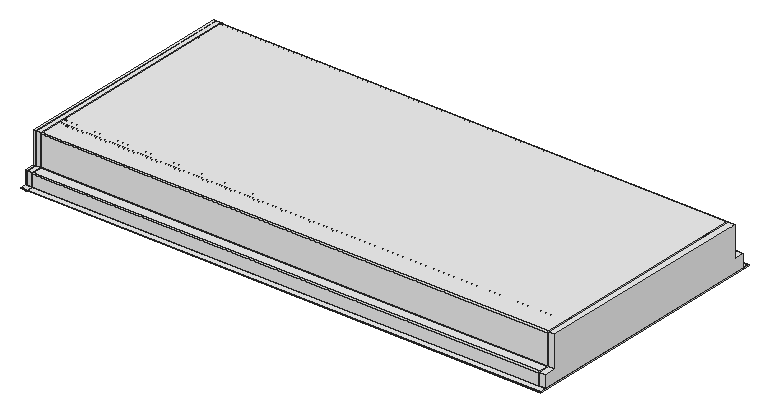
Revit family "CRUi", category Lighting Fixtures, host Ceiling, Revit 2019
Family settings
  Host = Ceiling
  Round Connector Dimension = Use Diameter
  Part Type = Normal
  OmniClass Number = 23.80.70.11.14.17
  OmniClass Title = Direct/Indirect
  Always vertical = Yes
  Cut with Voids When Loaded = No
  Light Source = Yes
  Shared = No
  Room Calculation Point = No
Parameters (values of type "CRUI-2X4-LED840K240LUNV-DSA")
  Width = 1' - 11 3/4"
  Wattage = 198 W
  built-in parameter 1150110 = 1 (stored number, unit not read)
  Voltage = 120 V
  URL = "https://www.viscor.com/en/products/cru"
  built-in parameter 1114217 = 0.9 (stored number, unit not read)
  Tilt Angle = 90.00°
  built-in parameter 1150109 = 1 (stored number, unit not read)
  built-in parameter 1150134 = 12
  built-in parameter 1150113 = 1 (stored number, unit not read)
  Photometric Web File = "CRUi-2X4-LED840K240LUNV-DSA.ies"
  Model = "CRU"  # constant formula
  Manufacturer = "Visioneering By Viscor"  # constant formula
  Lumens = 24156 lm
  built-in parameter 1150115 = 1 (stored number, unit not read)
  built-in parameter 1150105 = 1922.3 (stored number, unit not read)
  built-in parameter 1150137 = (empty or 0)
  built-in parameter 1150139 = (empty or 0)
  Lens Finish = Acrylic - Viscor - Frosted Prismatic P12
  Length = 3' - 11 3/4"
  Lamp Wattage = 198 VA
  built-in parameter 1150112 = 1 (stored number, unit not read)
  built-in parameter 1150114 = 1 (stored number, unit not read)
  Lamp = "LED"  # constant formula
  built-in parameter 1150132 = (empty or 0)
  built-in parameter 1150102 = (empty or 0)
  built-in parameter 1150138 = (empty or 0)
  built-in parameter 1150107 = 4000 (stored number, unit not read)
  built-in parameter 1150106 = 19.223 (stored number, unit not read)
  Housing Finish = Metal - Viscor - White
  Emit from Rectangle Width = Width  # 1' - 11 3/4"
  Emit from Rectangle Length = Length  # 3' - 11 3/4"
  Emit Shape Visible in Rendering = no
  built-in parameter 1150104 = 11.334 (stored number, unit not read)
  Dimming Lamp Color Temperature Shift = <None>
  Description = "LED Cleanroom Recessed Universal"  # constant formula
  Color Filter = 16777215
  built-in parameter 1114218 = 1 (stored number, unit not read)
  built-in parameter 1150133 = 10 (stored number, unit not read)
  Assembly Code = ""
  Apparent Load = Lamp Wattage  # 198 VA
Types (15): name | Width | Wattage | Photometric Web File | Lumens | built-in parameter 1150105 | Length | Lamp Wattage | built-in parameter 1150106 | Emit from Rectangle Width | Emit from Rectangle Length | built-in parameter 1150104 | Assembly Code | Apparent Load
  (no name) | 1' - 11 3/4" | 198 W | "CRUi-2X4-LED840K240LUNV-DSA.ies" | 24156 lm | 1922.3 (stored number, unit not read) | 3' - 11 3/4" | 198 VA | 19.223 (stored number, unit not read) | 1' - 11 3/4" | 3' - 11 3/4" | 11.334 (stored number, unit not read) | "" | 198 VA
  CRUI-1X4-LED840K035LUNV-DSA | 0' - 11 3/4" | 32 W | "CRUi-1X4-LED840K035LUNV-DSA.ies" | 3584 lm | 285.21 (stored number, unit not read) | 3' - 11 3/4" | 32 VA | 2.8521 (stored number, unit not read) | 0' - 11 3/4" | 3' - 11 3/4" | 10.405 (stored number, unit not read) | "" | 32 VA
  CRUI-2X2-LED840K035LUNV-DSA | 1' - 11 3/4" | 31 W | "CRUi-2X2-LED840K035LUNV-DSA.ies" | 3565 lm | 283.69 (stored number, unit not read) | 1' - 11 3/4" | 31 VA | 2.8369 (stored number, unit not read) | 1' - 11 3/4" | 1' - 11 3/4" | 10.684 (stored number, unit not read) | "" | 31 VA
  CRUI-2X4-LED840K055LUNV-DSA | 1' - 11 3/4" | 45 W | "CRUi-2X4-LED840K55LUNV-DSA.IES" | 5535 lm | 440.46 (stored number, unit not read) | 3' - 11 3/4" | 45 VA | 4.4046 (stored number, unit not read) | 1' - 11 3/4" | 3' - 11 3/4" | 11.427 (stored number, unit not read) | "" | 45 VA
  CRUI-1X4-LED840K055LUNV-DSA | 0' - 11 3/4" | 51 W | "CRUi-1X4-LED840K055LUNV-DSA.ies" | 5559 lm | 442.37 (stored number, unit not read) | 3' - 11 3/4" | 51 VA | 4.4237 (stored number, unit not read) | 0' - 11 3/4" | 3' - 11 3/4" | 10.126 (stored number, unit not read) | "" | 51 VA
  CRUI-1X4-LED840K070LUNV-DSA | 0' - 11 3/4" | 68 W | "CRUi-1X4-LED840K070LUNV-DSA.ies" | 7072 lm | 562.77 (stored number, unit not read) | 3' - 11 3/4" | 68 VA | 5.6277 (stored number, unit not read) | 0' - 11 3/4" | 3' - 11 3/4" | 9.6619 (stored number, unit not read) | "" | 68 VA
  CRUI-1X4-LED840K100LUNV-DSA | 0' - 11 3/4" | 96 W | "CRUi-1X4-LED840K100LUNV-DSA.ies" | 10080 lm | 802.14 (stored number, unit not read) | 3' - 11 3/4" | 96 VA | 8.0214 (stored number, unit not read) | 0' - 11 3/4" | 3' - 11 3/4" | 9.7548 (stored number, unit not read) | "D5020200" | 96 VA
  CRUI-2X2-LED840K055LUNV-DSA | 1' - 11 3/4" | 50 W | "CRUi-2X2-LED840K055LUNV-DSA.ies" | 5550 lm | 441.65 (stored number, unit not read) | 1' - 11 3/4" | 50 VA | 4.4165 (stored number, unit not read) | 1' - 11 3/4" | 1' - 11 3/4" | 10.312 (stored number, unit not read) | "" | 50 VA
  CRUI-2X2-LED840K070LUNV-DSA | 1' - 11 3/4" | 65 W | "CRUi-2X2-LED840K070LUNV-DSA.ies" | 7020 lm | 558.63 (stored number, unit not read) | 1' - 11 3/4" | 65 VA | 5.5863 (stored number, unit not read) | 1' - 11 3/4" | 1' - 11 3/4" | 10.034 (stored number, unit not read) | "" | 65 VA
  CRUI-2X2-LED840K100LUNV-DSA | 1' - 11 3/4" | 93 W | "CRUi-2X2-LED840K100LUNV-DSA.ies" | 10137 lm | 806.68 (stored number, unit not read) | 1' - 11 3/4" | 93 VA | 8.0668 (stored number, unit not read) | 1' - 11 3/4" | 1' - 11 3/4" | 10.126 (stored number, unit not read) | "" | 93 VA
  CRUI-2X4-LED840K070LUNV-DSA | 1' - 11 3/4" | 59 W | "CRUi-2X4-LED840K70LUNV-DSA.IES" | 7080 lm | 563.41 (stored number, unit not read) | 3' - 11 3/4" | 59 VA | 5.6341 (stored number, unit not read) | 1' - 11 3/4" | 3' - 11 3/4" | 11.148 (stored number, unit not read) | "" | 59 VA
  CRUI-2X4-LED840K100LUNV-DSA | 1' - 11 3/4" | 80 W | "CRUi-2X4-LED840K100LUNV-DSA.ies" | 10080 lm | 802.14 (stored number, unit not read) | 3' - 11 3/4" | 80 VA | 8.0214 (stored number, unit not read) | 1' - 11 3/4" | 3' - 11 3/4" | 11.706 (stored number, unit not read) | "" | 80 VA
  CRUI-2X4-LED840K120LUNV-DSA | 1' - 11 3/4" | 99 W | "CRUi-2X4-LED840K120LUNV-DSA.ies" | 12078 lm | 961.14 (stored number, unit not read) | 3' - 11 3/4" | 99 VA | 9.6114 (stored number, unit not read) | 1' - 11 3/4" | 3' - 11 3/4" | 11.334 (stored number, unit not read) | "" | 99 VA
  CRUI-2X4-LED840K180LUNV-DSA | 1' - 11 3/4" | 143 W | "CRUi-2X4-LED840K180LUNV-DSA.ies" | 18161 lm | 1445.2 (stored number, unit not read) | 3' - 11 3/4" | 143 VA | 14.452 (stored number, unit not read) | 1' - 11 3/4" | 3' - 11 3/4" | 11.799 (stored number, unit not read) | "" | 143 VA
  CRUI-2X4-LED840K240LUNV-DSA | 1' - 11 3/4" | 198 W | "CRUi-2X4-LED840K240LUNV-DSA.ies" | 24156 lm | 1922.3 (stored number, unit not read) | 3' - 11 3/4" | 198 VA | 19.223 (stored number, unit not read) | 1' - 11 3/4" | 3' - 11 3/4" | 11.334 (stored number, unit not read) | "" | 198 VA
Reference planes (in)
  plane 1 "Light Source Axis (F/B)": y = 0
  plane 2 "Ceiling": z = 96
  plane 3 "Light Source Axis (L/R)": x = 0
  plane 4 "Light Source Elevation": z = 96
  plane 5: y = 11.875
  plane 6: y = -11.875
  plane 7 "Left": x = -23.875
  plane 8 "Right": x = 23.875
  plane 9: x = -23.25
  plane 10: x = 23.25
  plane 11: x = -22.625
  plane 12: x = 22.625
  plane 13 "USofFrame": z = 96.045
  plane 14: y = -11.25
  plane 15: y = 11.25
  plane 16 "Lens": z = 96.17
Forms (in)
  Extrusion 1, solid, material "Metal - Viscor - White" <- "Housing Finish"
    sketch origin (0, 0, 0) x (0, 1, 0) y (0, 0, 1)
      loop
        arc (11.3015, 97.168) -> (11.28217, 97.21467) -> (11.2355, 97.234) r 0.066
        line (11.2355, 97.234) -> (10.3115, 97.234)
        arc (10.3115, 97.234) -> (10.29029, 97.24279) -> (10.2815, 97.264) r 0.03
        line (10.2815, 97.264) -> (10.2815, 100.007)
        arc (10.2815, 100.007) -> (10.26217, 100.05367) -> (10.2155, 100.073) r 0.066
        line (10.2155, 100.073) -> (-10.2155, 100.073)
        arc (-10.2155, 100.073) -> (-10.26217, 100.05367) -> (-10.2815, 100.007) r 0.066
        line (-10.2815, 100.007) -> (-10.2815, 97.264)
        arc (-10.2815, 97.264) -> (-10.29029, 97.24279) -> (-10.3115, 97.234) r 0.03
        line (-10.3115, 97.234) -> (-11.2355, 97.234)
        arc (-11.2355, 97.234) -> (-11.28217, 97.21467) -> (-11.3015, 97.168) r 0.066
        line (-11.3015, 97.168) -> (-11.3015, 96.073) -> (-11.26634, 96.073) -> (-11.26634, 97.168)
        arc (-11.26634, 97.168) -> (-11.25731, 97.18981) -> (-11.2355, 97.19884) r 0.03084
        line (-11.2355, 97.19884) -> (-10.3115, 97.19884)
        arc (-10.3115, 97.19884) -> (-10.26543, 97.21793) -> (-10.24634, 97.264) r 0.06516
        line (-10.24634, 97.264) -> (-10.24634, 100.007)
        arc (-10.24634, 100.007) -> (-10.23731, 100.02881) -> (-10.2155, 100.03784) r 0.03084
        line (-10.2155, 100.03784) -> (10.2155, 100.03784)
        arc (10.2155, 100.03784) -> (10.23731, 100.02881) -> (10.24634, 100.007) r 0.03084
        line (10.24634, 100.007) -> (10.24634, 97.264)
        arc (10.24634, 97.264) -> (10.26543, 97.21793) -> (10.3115, 97.19884) r 0.06516
        line (10.3115, 97.19884) -> (11.2355, 97.19884)
        arc (11.2355, 97.19884) -> (11.25731, 97.18981) -> (11.26634, 97.168) r 0.03084
        line (11.26634, 97.168) -> (11.26634, 96.073) -> (11.3015, 96.073) -> (11.3015, 97.168)
    from -23.25 to 23.25
  Extrusion 2, solid
    sketch origin (0, 0, 0) x (0, 1, 0) y (0, 0, 1)
      loop
        arc (7.664, 100.03702) -> (7.61097, 100.01506) -> (7.58901, 99.96204) r 0.07499
        line (7.58901, 99.96204) -> (7.589, 99.487)
        arc (7.589, 99.487) -> (7.57758, 99.45942) -> (7.55, 99.448) r 0.039
        line (7.55, 99.448) -> (-7.55, 99.448)
        arc (-7.55, 99.448) -> (-7.57758, 99.45942) -> (-7.589, 99.487) r 0.039
        line (-7.589, 99.487) -> (-7.589, 99.96195)
        arc (-7.589, 99.96195) -> (-7.61097, 100.01498) -> (-7.664, 100.037) r 0.075
        line (-7.664, 100.037) -> (-8.214, 100.037) -> (-8.214, 100.00184) -> (-7.664, 100.00179)
        arc (-7.664, 100.00179) -> (-7.63583, 99.99012) -> (-7.62416, 99.96195) r 0.03984
        line (-7.62416, 99.96195) -> (-7.62416, 99.487)
        arc (-7.62416, 99.487) -> (-7.60244, 99.43456) -> (-7.55, 99.41284) r 0.07416
        line (-7.55, 99.41284) -> (7.55, 99.41284)
        arc (7.55, 99.41284) -> (7.60244, 99.43456) -> (7.62417, 99.487) r 0.07416
        line (7.62417, 99.487) -> (7.62417, 99.96204)
        arc (7.62417, 99.96204) -> (7.63583, 99.9902) -> (7.664, 100.00187) r 0.03983
        line (7.664, 100.00187) -> (8.214, 100.00187) -> (8.214, 100.03702) -> (7.664, 100.03702)
    from -23.25 to 23.25
  Extrusion 3, solid, material "Metal - Viscor - White" <- "Housing Finish"
    sketch origin (0, 0, 0) x (0, 1, 0) y (0, 0, 1)
      loop
        line (11.299, 96.095) -> (11.299, 97.234) -> (10.2815, 97.234) -> (10.2815, 100.073) -> (-10.2815, 100.073) -> (-10.2815, 97.234) -> (-11.3015, 97.234) -> (-11.3015, 96.095) -> (11.299, 96.095)
    from -23.875 to -23.25
  Extrusion 4, void
    sketch origin (-23.25, 0, 0) x (0, -1, 0) y (0, 0, 1)
      loop
        line (10.24634, 100.03784) -> (-10.24634, 100.03784) -> (-10.24634, 97.19884) -> (-11.26384, 97.19884) -> (-11.26384, 96.13016) -> (11.26634, 96.13016) -> (11.26634, 97.19884) -> (10.24634, 97.19884) -> (10.24634, 100.03784)
    from 0 to 0.47339
  Extrusion 5, solid, material "Metal - Viscor - White" <- "Housing Finish"
    sketch origin (0, 0, 0) x (0, 1, 0) y (0, 0, -1)
      loop
        line (11.299, -96.095) -> (-11.3015, -96.095) -> (-11.3015, -97.234) -> (-10.2815, -97.234) -> (-10.2815, -100.073) -> (10.2815, -100.073) -> (10.2815, -97.234) -> (11.299, -97.234) -> (11.299, -96.095)
    from -23.875 to -23.25
  Extrusion 6, void
    sketch origin (23.25, 0, 0) x (0, -1, 0) y (0, 0, -1)
      loop
        line (10.24634, -100.03784) -> (10.24634, -97.19884) -> (11.26634, -97.19884) -> (11.26634, -96.13016) -> (-11.26384, -96.13016) -> (-11.26384, -97.19884) -> (-10.24634, -97.19884) -> (-10.24634, -100.03784) -> (10.24634, -100.03784)
    from 0 to 0.47339
  Extrusion 7, solid, material "Metal - Viscor - White" <- "Housing Finish"
    sketch origin (0, 0, 0) x (0, 1, 0) y (0, 0, 1)
      loop
        line (10.39827, 96.724) -> (9.1406, 97.23213) -> (7.45632, 99.38791)
        arc (7.45632, 99.38791) -> (7.43432, 99.40566) -> (7.40677, 99.412) r 0.063
        line (7.40677, 99.412) -> (6.8125, 99.412) -> (6.8125, 99.38075) -> (7.42226, 99.38075) -> (9.12113, 97.20629) -> (10.38657, 96.69503) -> (10.39827, 96.724)
    from -22.625 to 22.625
  Extrusion 8, solid, material "Metal - Viscor - White" <- "Housing Finish"
    sketch origin (0, 0, 0) x (0, -1, 0) y (0, 0, -1)
      loop
        line (10.39827, -96.724) -> (10.38657, -96.69503) -> (9.12113, -97.20629) -> (7.42226, -99.38075) -> (6.8125, -99.38075) -> (6.8125, -99.412) -> (7.40677, -99.412)
        arc (7.40677, -99.412) -> (7.43432, -99.40566) -> (7.45632, -99.38791) r 0.063
        line (7.45632, -99.38791) -> (9.1406, -97.23213) -> (10.39827, -96.724)
    from -22.625 to 22.625
  Extrusion 9, solid, material "Metal - Viscor - White" <- "Housing Finish"
    sketch origin (0, 0, 0) x (0, 1, 0) y (0, 0, 1)
      loop
        line (11.8745, 96) -> (11.8745, 96.04687) -> (11.2715, 96.04688)
        arc (11.2715, 96.04688) -> (11.24313, 96.05863) -> (11.23067, 96.087) r 0.04012
        line (11.23067, 96.087) -> (11.23067, 96.63488) -> (-11.23138, 96.63488) -> (-11.23138, 96.087)
        arc (-11.23138, 96.087) -> (-11.24313, 96.05863) -> (-11.2715, 96.04687) r 0.04012
        line (-11.2715, 96.04687) -> (-11.8745, 96.04687) -> (-11.8745, 96) -> (-11.2715, 96)
        arc (-11.2715, 96) -> (-11.20998, 96.02548) -> (-11.1845, 96.087) r 0.087
        line (-11.1845, 96.087) -> (-11.1845, 96.588) -> (11.18379, 96.588) -> (11.1845, 96.087)
        arc (11.1845, 96.087) -> (11.20998, 96.02548) -> (11.2715, 96) r 0.087
        line (11.2715, 96) -> (11.8745, 96)
    from -23.875 to 23.875
  Extrusion 10, solid, material "Metal - Viscor - White" <- "Housing Finish"
    sketch origin (0, 0, 96) x (1, 0, 0) y (0, 1, 0)
      loop
        line (-23.875, -11.875) -> (-23.25, -11.875) -> (-23.25, 11.875) -> (-23.875, 11.875) -> (-23.875, -11.875)
    from 0 to 0.045
  Extrusion 11, solid, material "Metal - Viscor - White" <- "Housing Finish"
    sketch origin (0, 0, 96) x (1, 0, 0) y (0, 1, 0)
      loop
        line (23.25, -11.875) -> (23.875, -11.875) -> (23.875, 11.875) -> (23.25, 11.875) -> (23.25, -11.875)
    from 0 to 0.045
  Extrusion 12, solid, material "Metal - Viscor - White" <- "Housing Finish"
    sketch origin (0, 0, 96) x (1, 0, 0) y (0, 1, 0)
      loop
        line (-23.25, -11.25) -> (23.25, -11.25) -> (23.25, 11.25) -> (-23.25, 11.25) -> (-23.25, -11.25)
      loop
        line (-22, -10) -> (22, -10) -> (22, 10) -> (-22, 10) -> (-22, -10)
    from 0 to 0.045
  Extrusion 13, void
    sketch origin (0, 0, 96) x (1, 0, 0) y (0, 1, 0)
      loop
        line (-22.625, -9.5905) -> (22.625, -9.5905) -> (22.625, 9.5905) -> (-22.625, 9.5905) -> (-22.625, -9.5905)
    from 0.048 to 0.25572
  Extrusion 14, solid, material "Acrylic - Viscor - Frosted Prismatic P12" <- "Lens Finish"
    sketch origin (0, 0, 96) x (1, 0, 0) y (0, 1, 0)
      loop
        line (-22.25, -10.25) -> (22.25, -10.25) -> (22.25, 10.25) -> (-22.25, 10.25) -> (-22.25, -10.25)
    from 0.045 to 0.17
  Extrusion 15, void
    sketch origin (43.99109, -53.88196, 0) x (1, 0, 0) y (0, 1, 0)
      loop
        line (-67.86609, 65.75696) -> (-67.86609, 42.00696) -> (-20.11609, 42.00696) -> (-20.11609, 65.75696) -> (-67.86609, 65.75696)
    from 95.81772 to 100.22433
Cuts and joins
  Extrusion 4, Extrusion 6, Extrusion 13 cuts Extrusion 2
  Extrusion 4, Extrusion 6 cuts Extrusion 3
  Extrusion 6 cuts Extrusion 5
  Extrusion 13 cuts Extrusion 1
  Extrusion 13 cuts Extrusion 7
  Extrusion 13 cuts Extrusion 8
  Extrusion 13 cuts Extrusion 9
  Extrusion 13 cuts Extrusion 12
Dimensions and locks (in)
  equal spacing: host sketch curve, plane 3 "Light Source Axis (L/R)", host sketch curve
  equal spacing: host sketch curve, plane 1 "Light Source Axis (F/B)", host sketch curve
  host sketch curve to host sketch curve = 10' - 0"  (x2)
  locked: import instance to host ceiling at 4.109
  equal spacing: plane 7 "Left", plane 3 "Light Source Axis (L/R)", plane 8 "Right"
  "Length": plane 7 "Left" to plane 8 "Right"
  equal spacing: plane 5, plane 1 "Light Source Axis (F/B)", plane 6
  "Width": plane 5 to plane 6
  locked: plane 11 to plane 9 at 0.625
  locked: plane 7 "Left" to plane 9 at 0.625
  plane 12 to plane 10 = 0' - 0 5/8"
  plane 10 to plane 8 "Right" = 0' - 0 5/8"
  locked: plane 13 "USofFrame" to plane 2 "Ceiling" at 0.045
  equal spacing: plane 5, Extrusion 12 sketch curve, Extrusion 12 sketch curve
  equal spacing: plane 7 "Left", Extrusion 12 sketch curve, Extrusion 12 sketch curve
  locked: plane 6 to Extrusion 12 sketch curve at 0.625
  locked: plane 8 "Right" to Extrusion 12 sketch curve at 0.625
  plane 16 "Lens" to plane 13 "USofFrame" = 0' - 0 1/8"
  aligned and locked: plane 3 "Light Source Axis (L/R)" to imposter light
  aligned and locked: plane 1 "Light Source Axis (F/B)" to imposter light
  aligned and locked: plane 4 "Light Source Elevation" to imposter light
  aligned and locked: Extrusion 1 to plane 9
  aligned and locked: plane 10 to Extrusion 1
  aligned and locked: Extrusion 2 to plane 9
  aligned and locked: plane 10 to Extrusion 2
  aligned and locked: Extrusion 3 to plane 7 "Left"
  aligned and locked: plane 9 to Extrusion 3
  aligned and locked: Extrusion 7 to plane 11
  aligned and locked: plane 12 to Extrusion 7
  aligned and locked: Extrusion 8 to plane 11
  aligned and locked: plane 12 to Extrusion 8
  aligned and locked: plane 8 "Right" to cut or joined group of Extrusion 5, Extrusion 6
  aligned and locked: cut or joined group of Extrusion 5, Extrusion 6 to plane 10
  aligned and locked: Extrusion 9 to plane 7 "Left"
  aligned and locked: plane 8 "Right" to Extrusion 9
  aligned and locked: Extrusion 10 sketch curve to plane 7 "Left"
  aligned and locked: plane 9 to Extrusion 10 sketch curve
  aligned and locked: plane 13 "USofFrame" to Extrusion 10
  aligned and locked: Extrusion 11 sketch curve to plane 10
  aligned and locked: Extrusion 11 sketch curve to plane 6
  aligned and locked: plane 5 to Extrusion 11 sketch curve
  aligned and locked: plane 13 "USofFrame" to Extrusion 11
  aligned and locked: plane 13 "USofFrame" to Extrusion 12
  aligned and locked: Extrusion 14 to plane 13 "USofFrame"
  aligned and locked: plane 16 "Lens" to Extrusion 14
  aligned and locked: Extrusion 15 to plane 7 "Left"
  aligned and locked: plane 8 "Right" to Extrusion 15
  aligned and locked: Extrusion 15 to plane 6
  aligned and locked: plane 5 to Extrusion 15
Automatic sketch dimensions
  Extrusion 1 sketch curve to Extrusion 1 sketch curve = 0' - 0"  (x12)
  plane 2 "Ceiling" to Extrusion 1 sketch curve = 0' - 0.073"  (x2)
  plane 6 to Extrusion 1 sketch curve = 0' - 0.5735"
  Extrusion 1 sketch curve to Extrusion 1 sketch curve = 0' - 0 9/256"
  Extrusion 1 sketch curve to Extrusion 1 sketch curve = 0' - 0.03084"  (x4)
  Extrusion 1 sketch curve to Extrusion 1 sketch curve = 0' - 0.924"
  Extrusion 1 sketch curve to Extrusion 1 sketch curve = 0' - 0.03"  (x2)
  Extrusion 1 sketch curve to plane 5 = 0' - 1.6595"
  Extrusion 1 sketch curve to plane 5 = 0' - 0.6395"
  Extrusion 1 sketch curve to Extrusion 1 sketch curve = 0' - 1.095"  (x2)
  Extrusion 1 sketch curve to Extrusion 1 sketch curve = 0' - 2.743"
  Extrusion 2 sketch curve to Extrusion 2 sketch curve = 0' - 0"  (x18)
  plane 6 to Extrusion 2 sketch curve = 0' - 3.661"
  Extrusion 2 sketch curve to Extrusion 2 sketch curve = 0' - 0.55"  (x2)
  Extrusion 2 sketch curve to Extrusion 2 sketch curve = 0' - 0.03984"
  Extrusion 2 sketch curve to Extrusion 2 sketch curve = 0' - 0 9/256"  (x4)
  Extrusion 2 sketch curve to Extrusion 2 sketch curve = 0' - 0.039"  (x3)
  Extrusion 2 sketch curve to plane 5 = 0' - 4.325"
  Extrusion 2 sketch curve to Extrusion 2 sketch curve = 0' - 0.03901"
  Extrusion 2 sketch curve to Extrusion 2 sketch curve = 0' - 0.03983"
  plane 2 "Ceiling" to Extrusion 2 sketch curve = 0' - 3.41284"
  Extrusion 2 sketch curve to Extrusion 2 sketch curve = 0' - 0.47495"
  Extrusion 2 sketch curve to Extrusion 2 sketch curve = 0' - 0.47504"
  Extrusion 2 sketch curve to Extrusion 2 sketch curve = 0' - 0.00005"
  plane 2 "Ceiling" to Extrusion 3 sketch curve = 0' - 0.095"
  plane 6 to Extrusion 3 sketch curve = 0' - 0.5735"
  Extrusion 3 sketch curve to Extrusion 3 sketch curve = 0' - 1.02"
  Extrusion 3 sketch curve to plane 5 = 0' - 1.5935"
  Extrusion 3 sketch curve to plane 5 = 0' - 0.576"
  Extrusion 3 sketch curve to Extrusion 3 sketch curve = 0' - 1.139"  (x2)
  Extrusion 3 sketch curve to Extrusion 3 sketch curve = 0' - 2.839"
  Extrusion 3 to Extrusion 4 sketch curve = 0' - 0 9/256"  (x8)
  plane 2 "Ceiling" to Extrusion 5 sketch curve = 0' - 0.095"
  plane 6 to Extrusion 5 sketch curve = 0' - 0.5735"
  Extrusion 5 sketch curve to Extrusion 5 sketch curve = 0' - 1.02"
  Extrusion 5 sketch curve to plane 5 = 0' - 1.5935"
  Extrusion 5 sketch curve to plane 5 = 0' - 0.576"
  plane 2 "Ceiling" to Extrusion 5 sketch curve = 0' - 1.234"
  Extrusion 5 sketch curve to Extrusion 5 sketch curve = 0' - 1.139"
  Extrusion 5 sketch curve to Extrusion 5 sketch curve = 0' - 2.839"
  Extrusion 5 to Extrusion 6 sketch curve = 0' - 0 9/256"  (x8)
  Extrusion 7 sketch curve to plane 5 = 0' - 5 1/16"
  Extrusion 7 sketch curve to Extrusion 7 sketch curve = 0' - 0.59427"
  Extrusion 7 sketch curve to Extrusion 7 sketch curve = 0' - 0.01549"
  Extrusion 7 sketch curve to Extrusion 7 sketch curve = 0' - 0.03406"
  plane 2 "Ceiling" to Extrusion 7 sketch curve = 0' - 1.20629"
  Extrusion 7 sketch curve to Extrusion 7 sketch curve = 0' - 1.71436"
  plane 2 "Ceiling" to Extrusion 7 sketch curve = 0' - 1.23213"
  Extrusion 7 sketch curve to Extrusion 7 sketch curve = 0' - 0.01947"
  plane 2 "Ceiling" to Extrusion 7 sketch curve = 0' - 0.69503"
  Extrusion 7 sketch curve to Extrusion 7 sketch curve = 0' - 1.24597"
  Extrusion 7 sketch curve to Extrusion 7 sketch curve = 0' - 2.11687"
  Extrusion 7 sketch curve to Extrusion 7 sketch curve = 0' - 0.03175"
  Extrusion 7 sketch curve to Extrusion 7 sketch curve = 0' - 0.00716"
  Extrusion 7 sketch curve to Extrusion 7 sketch curve = 0' - 0 1/32"
  Extrusion 7 sketch curve to Extrusion 7 sketch curve = 0' - 0"
  Extrusion 8 sketch curve to plane 6 = 0' - 5 1/16"
  Extrusion 8 sketch curve to Extrusion 8 sketch curve = 0' - 0.59427"
  Extrusion 8 sketch curve to Extrusion 8 sketch curve = 0' - 0.01549"
  Extrusion 8 sketch curve to Extrusion 8 sketch curve = 0' - 0.03406"
  Extrusion 8 sketch curve to plane 2 "Ceiling" = 0' - 1.20629"
  Extrusion 8 sketch curve to Extrusion 8 sketch curve = 0' - 1.71436"
  Extrusion 8 sketch curve to plane 2 "Ceiling" = 0' - 1.23213"
  Extrusion 8 sketch curve to Extrusion 8 sketch curve = 0' - 0.01947"
  Extrusion 8 sketch curve to plane 2 "Ceiling" = 0' - 0.69503"
  Extrusion 8 sketch curve to Extrusion 8 sketch curve = 0' - 1.24597"
  Extrusion 8 sketch curve to Extrusion 8 sketch curve = 0' - 2.11687"
  Extrusion 8 sketch curve to Extrusion 8 sketch curve = 0' - 0.03175"
  Extrusion 8 sketch curve to Extrusion 8 sketch curve = 0' - 0.00716"
  Extrusion 8 sketch curve to Extrusion 8 sketch curve = 0' - 0 1/32"
  Extrusion 8 sketch curve to Extrusion 8 sketch curve = 0' - 0"
  Extrusion 9 sketch curve to Extrusion 9 sketch curve = 0' - 0"  (x15)
  plane 6 to Extrusion 9 sketch curve = 0' - 0.0005"
  plane 2 "Ceiling" to Extrusion 9 sketch curve = 0' - 0.087"  (x2)
  plane 6 to Extrusion 9 sketch curve = 0' - 0.6035"
  Extrusion 9 sketch curve to Extrusion 9 sketch curve = 0' - 0.04013"
  Extrusion 9 sketch curve to Extrusion 9 sketch curve = 0' - 0 3/64"  (x3)
  Extrusion 9 sketch curve to plane 5 = 0' - 0.69121"
  Extrusion 9 sketch curve to Extrusion 9 sketch curve = 0' - 0.04083"
  plane 2 "Ceiling" to Extrusion 9 sketch curve = 0' - 0 3/64"
  Extrusion 9 sketch curve to plane 2 "Ceiling" = 0' - 0"  (x2)
  Extrusion 9 sketch curve to Extrusion 9 sketch curve = 0' - 0.501"
  Extrusion 9 sketch curve to Extrusion 9 sketch curve = 0' - 0.00071"  (x2)
  Extrusion 9 sketch curve to plane 5 = 0' - 0.0005"
  Extrusion 10 sketch curve to plane 6 = 0' - 0"
  Extrusion 10 sketch curve to plane 5 = 0' - 0"
  Extrusion 11 sketch curve to plane 8 "Right" = 0' - 0"
  Extrusion 12 sketch curve to plane 9 = 0' - 0"
  plane 11 to Extrusion 12 sketch curve = 0' - 0 5/8"
  Extrusion 12 sketch curve to plane 12 = 0' - 0 5/8"
  Extrusion 12 sketch curve to Extrusion 12 sketch curve = 0' - 1 1/4"
  Extrusion 12 sketch curve to plane 5 = 0' - 1 7/8"
  Extrusion 12 sketch curve to plane 5 = 0' - 0 5/8"
  Extrusion 13 sketch curve to plane 11 = 0' - 0"
  Extrusion 13 sketch curve to plane 12 = 0' - 0"
  plane 6 to Extrusion 13 sketch curve = 0' - 2.2845"
  Extrusion 13 sketch curve to plane 5 = 0' - 2.2845"
  plane 11 to Extrusion 14 sketch curve = 0' - 0 3/8"
  Extrusion 14 sketch curve to plane 12 = 0' - 0 3/8"
  plane 6 to Extrusion 14 sketch curve = 0' - 1 5/8"
  Extrusion 14 sketch curve to plane 5 = 0' - 1 5/8"
  Extrusion 15 sketch curve to plane 5 = 1' - 11 3/4"
  Extrusion 15 sketch curve to plane 7 "Left" = 0' - 0"
  plane 7 "Left" to Extrusion 15 sketch curve = 3' - 11 3/4"
  Extrusion 15 sketch curve to Extrusion 15 sketch curve = 1' - 11 3/4"
Connectors (in)
  electrical at (0, 0, 96), driven by "Voltage", driven by "Apparent Load"
    settings: index 1, voltage 120 V, apparent load 0 VA, apparent load phase1 198 VA, apparent load phase2 0 VA, apparent load phase3 0 VA, power factor 1, load classification "Other", number of poles 1, system type 31, power factor state 1, is connector primary yes, connector utility no, sub classification motor no, connector description ""
